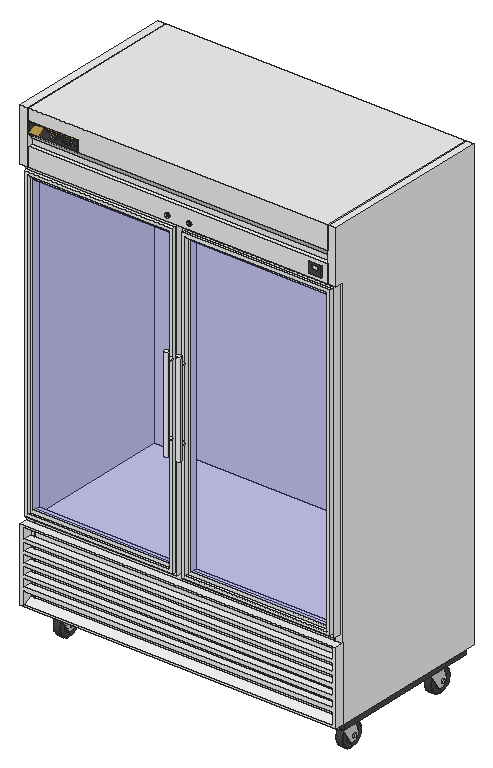
Revit family
Parameters
  Weight = "605 lbs."
  Watts = Volts * FL Amps  # 1414.5 W
  Volts = 115 V
  URL Manufacturer = "www.truemfg.com"
  URL Cutsheet = "www.truemfg.com"
  URL = "www.truemfg.com"
  Type Mark [instance] = ""
  Type Comments = "www.truemfg.com"
  Status [instance] = ""
  Specification by User [instance] = ""
  Specification by Manufacturer = ""
  Show Seismic Flanged [instance] = no
  Show Logo [instance] = yes
  Show Legs [instance] = no
  Show Clearance [instance] = yes
  Serial Number = ""
  Seismic Rating = ""
  Seismic Plate [instance] = and(Show Seismic Flanged, not(Show Casters))  # no
  SMACNA No = ""
  Revision Code [instance] = ""
  Phase = 1
  Omniclass Number and Title = ""
  Number of Poles [instance] = 1
  NAFEM Spec ID Number = ""
  Model = "TS-49FG"
  Min Ckt Ampacity = 0 A
  Max Overcurrent Protection = 0 A
  MasterSpec. = ""
  Manufacturer = "TRUE FOOD SERVICE EQUIPMENT, INC."
  Legs [instance] = or(Show Legs, Show Seismic Flanged)  # no
  Item Number [instance] = ""
  Installed By [instance] = ""
  Identify Quantity as Lot [instance] = yes
  HP = "1.5"
  Furnished By [instance] = ""
  Foodservice Equipment Identifier [instance] = yes
  FL Amps = 12.3 A
  Electrical Remarks [instance] = "208-230/60/1"
  Electric Connection Type [instance] = ""
  Elec Conn RI Height [instance] = 0"
  Elec Conn Connection Height [instance] = 0"
  Description = "Reach-In Glass Swing Door Stainless Steel Freezer"
  Cycle = 60 Hz
  Conn Plug NEMA = "NEMA-14-20P"
  Conn Conduit = yes
  Show Casters [instance] = and(not(Show Legs), not(Show Seismic Flanged))  # yes
  CSI MasterFormat = ""
  CSI Master Format = ""
  Body Finish = QF_Finishes_Stainless Steel
  Base Height [instance] = if(Show Casters, 5", 6")  # 5"
  Apparent Power = if(Phase = 3, Volts * FL Amps * 1.73, Volts * FL Amps)  # 1414.5 VA
Reference planes (in)
  plane 1 "BACK": y = 0
  plane 2: z = 0
  plane 3 "LEFT": x = 0
  plane 4 "RIGHT": x = 54.125
  plane 5 "FRONT": y = -31.09375
  plane 6 "TOP": z = 84.3125
  plane 7: z = 5
Forms (in)
  Revolve 1, solid, material "QF_Finishes_Black", visible <- "Show Casters"
    sketch origin (53.28125, -23.20176, 0.5) x (-1, 0, 0) y (0, 0, -1)
      loop
        line (1.475, -3.5) -> (2.525, -3.5) -> (2.62908, -3.39592) -> (2.62908, -2.79941) -> (2.46399, -2.79941) -> (2.46399, -2.04941) -> (2.62908, -2.04941) -> (2.62908, -1.79941) -> (3.025, -1.79941) -> (3.025, -1.5) -> (0.975, -1.5) -> (0.975, -1.79941) -> (1.375, -1.79941) -> (1.375, -2.04941) -> (1.53601, -2.04941) -> (1.53601, -2.79941) -> (1.375, -2.79941) -> (1.375, -3.4) -> (1.475, -3.5)
      axis (3.025, -1.5) -> (0.975, -1.5)
    angle from 0 to 360
  Extrusion 2, solid, material "QF_Finishes_Handrails and Railings", visible <- "Show Casters"
    sketch origin (53.28125, -2.93273, 0.00141) x (0, 1, 0) y (0, 0, -1)
      loop
        line (-22.72048, -4.36074) -> (-19.97048, -4.36074) -> (-19.35291, -2.16805)
        arc (-19.35291, -2.16805) -> (-19.69311, -1.19773) -> (-20.72128, -1.18736) r 0.8952
        line (-20.72128, -1.18736) -> (-22.47048, -3.75589) -> (-22.72048, -3.75589) -> (-22.72048, -4.36074)
      loop
        line (-3.8577, -4.36074) -> (-1.1077, -4.36074) -> (-0.49013, -2.16805)
        arc (-0.49013, -2.16805) -> (-0.83033, -1.19773) -> (-1.8585, -1.18736) r 0.8952
        line (-1.8585, -1.18736) -> (-3.6077, -3.75589) -> (-3.8577, -3.75589) -> (-3.8577, -4.36074)
    from 1.175 to 1.325
  Extrusion 3, solid, material "QF_Finishes_Handrails and Railings", visible <- "Show Casters"
    sketch origin (51.78125, -2.93273, 0.00141) x (0, 1, 0) y (0, 0, -1)
      loop
        line (-22.72048, -4.36074) -> (-19.97048, -4.36074) -> (-19.35291, -2.16805)
        arc (-19.35291, -2.16805) -> (-19.69311, -1.19773) -> (-20.72128, -1.18736) r 0.8952
        line (-20.72128, -1.18736) -> (-22.47048, -3.75589) -> (-22.72048, -3.75589) -> (-22.72048, -4.36074)
      loop
        line (-3.8577, -4.36074) -> (-1.1077, -4.36074) -> (-0.49013, -2.16805)
        arc (-0.49013, -2.16805) -> (-0.83033, -1.19773) -> (-1.8585, -1.18736) r 0.8952
        line (-1.8585, -1.18736) -> (-3.6077, -3.75589) -> (-3.8577, -3.75589) -> (-3.8577, -4.36074)
    from 1.175 to 1.325
  Revolve 4, solid, material "QF_Finishes_Chrome - Satin", visible <- "Show Casters"
    sketch origin (53.28125, -24.29364, -1.49859) x (-1, 0, 0) y (0, 0, -1)
      loop
        line (2, -6.49859) -> (2, -5.86074) -> (0.70293, -5.86074) -> (0.70293, -6.49859) -> (2, -6.49859)
      axis (2, -5.86074) -> (2, -6.49859)
    angle from 0 to 360
  Revolve 5, solid, material "QF_Finishes_Chrome - Satin", visible <- "Show Casters"
    sketch origin (53.28125, -5.43086, -0.49859) x (-1, 0, 0) y (0, 0, -1)
      loop
        line (2, -4.86074) -> (0.70293, -4.86074) -> (0.70293, -5.49859) -> (2, -5.49859) -> (2, -4.86074)
      axis (2, -4.86074) -> (2, -5.49859)
    angle from 0 to 360
  Extrusion 6, solid, material "QF_Finishes_Handrails and Railings", visible <- "Show Casters"
    sketch origin (101.0625, -2.93273, 0.00141) x (0, 1, 0) y (0, 0, -1)
      loop
        line (-3.8577, -4.36074) -> (-1.1077, -4.36074) -> (-1.07167, -4.06727) -> (-3.6077, -3.75589) -> (-3.8577, -3.75589) -> (-3.8577, -4.36074)
      loop
        line (-22.72048, -4.36074) -> (-19.97048, -4.36074) -> (-19.93445, -4.06727) -> (-22.47048, -3.75589) -> (-22.72048, -3.75589) -> (-22.72048, -4.36074)
    from 49.10625 to 50.45625
  Revolve 7, solid, material "QF_Finishes_Black", visible <- "Show Casters"
    sketch origin (53.28125, -4.21398, 0.5) x (-1, 0, 0) y (0, 0, -1)
      loop
        line (1.475, -3.5) -> (2.525, -3.5) -> (2.62908, -3.39592) -> (2.62908, -2.79941) -> (2.46399, -2.79941) -> (2.46399, -2.04941) -> (2.62908, -2.04941) -> (2.62908, -1.79941) -> (3.025, -1.79941) -> (3.025, -1.5) -> (0.975, -1.5) -> (0.975, -1.79941) -> (1.375, -1.79941) -> (1.375, -2.04941) -> (1.53601, -2.04941) -> (1.53601, -2.79941) -> (1.375, -2.79941) -> (1.375, -3.4) -> (1.475, -3.5)
      axis (3.025, -1.5) -> (0.975, -1.5)
    angle from 0 to 360
  Revolve 8, solid, material "QF_Finishes_Black", visible <- "Show Casters"
    sketch origin (0.84375, -23.20176, 0.5) x (1, 0, 0) y (0, 0, 1)
      loop
        line (1.475, 3.5) -> (1.375, 3.4) -> (1.375, 2.79941) -> (1.53601, 2.79941) -> (1.53601, 2.04941) -> (1.375, 2.04941) -> (1.375, 1.79941) -> (0.975, 1.79941) -> (0.975, 1.5) -> (3.025, 1.5) -> (3.025, 1.79941) -> (2.62908, 1.79941) -> (2.62908, 2.04941) -> (2.46399, 2.04941) -> (2.46399, 2.79941) -> (2.62908, 2.79941) -> (2.62908, 3.39592) -> (2.525, 3.5) -> (1.475, 3.5)
      axis (3.025, 1.5) -> (0.975, 1.5)
    angle from 0 to 360
  Extrusion 9, solid, material "QF_Finishes_Handrails and Railings", visible <- "Show Casters"
    sketch origin (0.84375, -2.93273, 0.00141) x (0, 1, 0) y (0, 0, 1)
      loop
        line (-22.72048, 4.36074) -> (-22.72048, 3.75589) -> (-22.47048, 3.75589) -> (-20.72128, 1.18736)
        arc (-20.72128, 1.18736) -> (-19.69311, 1.19773) -> (-19.35291, 2.16805) r 0.8952
        line (-19.35291, 2.16805) -> (-19.97048, 4.36074) -> (-22.72048, 4.36074)
      loop
        line (-3.8577, 4.36074) -> (-3.8577, 3.75589) -> (-3.6077, 3.75589) -> (-1.8585, 1.18736)
        arc (-1.8585, 1.18736) -> (-0.83033, 1.19773) -> (-0.49013, 2.16805) r 0.8952
        line (-0.49013, 2.16805) -> (-1.1077, 4.36074) -> (-3.8577, 4.36074)
    from 1.175 to 1.325
  Revolve 10, solid, material "QF_Finishes_Chrome - Satin", visible <- "Show Casters"
    sketch origin (0.84375, -24.29364, -1.49859) x (1, 0, 0) y (0, 0, 1)
      loop
        line (2, 6.49859) -> (0.70293, 6.49859) -> (0.70293, 5.86074) -> (2, 5.86074) -> (2, 6.49859)
      axis (2, 5.86074) -> (2, 6.49859)
    angle from 0 to 360
  Revolve 11, solid, material "QF_Finishes_Chrome - Satin", visible <- "Show Casters"
    sketch origin (0.84375, -5.43086, -0.49859) x (1, 0, 0) y (0, 0, 1)
      loop
        line (2, 4.86074) -> (2, 5.49859) -> (0.70293, 5.49859) -> (0.70293, 4.86074) -> (2, 4.86074)
      axis (2, 4.86074) -> (2, 5.49859)
    angle from 0 to 360
  Extrusion 12, solid, material "QF_Finishes_Handrails and Railings", visible <- "Show Casters"
    sketch origin (-46.9375, -2.93273, 0.00141) x (0, 1, 0) y (0, 0, 1)
      loop
        line (-3.8577, 4.36074) -> (-3.8577, 3.75589) -> (-3.6077, 3.75589) -> (-1.07167, 4.06727) -> (-1.1077, 4.36074) -> (-3.8577, 4.36074)
      loop
        line (-22.72048, 4.36074) -> (-22.72048, 3.75589) -> (-22.47048, 3.75589) -> (-19.93445, 4.06727) -> (-19.97048, 4.36074) -> (-22.72048, 4.36074)
    from 49.10625 to 50.45625
  Revolve 13, solid, material "QF_Finishes_Black", visible <- "Show Casters"
    sketch origin (0.84375, -4.21398, 0.5) x (1, 0, 0) y (0, 0, 1)
      loop
        line (1.475, 3.5) -> (1.375, 3.4) -> (1.375, 2.79941) -> (1.53601, 2.79941) -> (1.53601, 2.04941) -> (1.375, 2.04941) -> (1.375, 1.79941) -> (0.975, 1.79941) -> (0.975, 1.5) -> (3.025, 1.5) -> (3.025, 1.79941) -> (2.62908, 1.79941) -> (2.62908, 2.04941) -> (2.46399, 2.04941) -> (2.46399, 2.79941) -> (2.62908, 2.79941) -> (2.62908, 3.39592) -> (2.525, 3.5) -> (1.475, 3.5)
      axis (3.025, 1.5) -> (0.975, 1.5)
    angle from 0 to 360
  Revolve 14, solid, material "QF_Finishes_Stainless Steel" <- "Body Finish", visible <- "Legs"
    sketch origin (0.84375, -23.09219, 0) x (1, 0, 0) y (0, 0, 1)
      loop
        line (2, 5) -> (0.68084, 5) -> (1.25, 1) -> (1.5, 1) -> (1.5, 0) -> (2, 0) -> (2, 5)
      axis (2, 0) -> (2, 5)
    angle from 0 to 360
  Revolve 15, solid, material "QF_Finishes_Stainless Steel" <- "Body Finish", visible <- "Legs"
    sketch origin (0.84375, -4.21398, 0) x (1, 0, 0) y (0, 0, -1)
      loop
        line (2, -5) -> (2, 0) -> (1.5, 0) -> (1.5, -1) -> (1.25, -1) -> (0.68084, -5) -> (2, -5)
      axis (2, 0) -> (2, -5)
    angle from 0 to 360
  Extrusion 16, solid, material "QF_Finishes_Stainless Steel" <- "Body Finish", visible <- "Seismic Plate"
    sketch origin (-0.22541, -2.51982, 0) x (1, 0, 0) y (0, 1, 0)
      loop
        circle (3.06916, -1.69416) r 1.5
    from 0 to 0.25
  Extrusion 17, solid, material "QF_Finishes_Stainless Steel" <- "Body Finish", visible <- "Seismic Plate"
    sketch origin (-0.22541, -21.39804, 0) x (1, 0, 0) y (0, 1, 0)
      loop
        circle (3.06916, -1.69416) r 1.5
    from 0 to 0.25
  Revolve 18, solid, material "QF_Finishes_Stainless Steel" <- "Body Finish", visible <- "Legs"
    sketch origin (53.28125, -23.09219, 0) x (-1, 0, 0) y (0, 0, -1)
      loop
        line (2, -5) -> (2, 0) -> (1.5, 0) -> (1.5, -1) -> (1.25, -1) -> (0.68084, -5) -> (2, -5)
      axis (2, 0) -> (2, -5)
    angle from 0 to 360
  Revolve 19, solid, material "QF_Finishes_Stainless Steel" <- "Body Finish", visible <- "Legs"
    sketch origin (53.28125, -4.21398, 0) x (-1, 0, 0) y (0, 0, 1)
      loop
        line (2, 5) -> (0.68084, 5) -> (1.25, 1) -> (1.5, 1) -> (1.5, 0) -> (2, 0) -> (2, 5)
      axis (2, 0) -> (2, 5)
    angle from 0 to 360
  Extrusion 20, solid, material "QF_Finishes_Stainless Steel" <- "Body Finish", visible <- "Seismic Plate"
    sketch origin (54.35041, -2.51982, 0) x (-1, 0, 0) y (0, -1, 0)
      loop
        circle (3.06916, 1.69416) r 1.5
    from 0 to 0.25
  Extrusion 21, solid, material "QF_Finishes_Stainless Steel" <- "Body Finish", visible <- "Seismic Plate"
    sketch origin (54.35041, -21.39804, 0) x (-1, 0, 0) y (0, -1, 0)
      loop
        circle (3.06916, 1.69416) r 1.5
    from 0 to 0.25
  Extrusion 22, solid, material "QF_Finishes_Chrome - Satin"
    sketch origin (0, 0, 0) x (1, 0, 0) y (0, 0, 1)
      loop
        circle (6.0625, 12) r 0.25
    from 0 to 0.0625
  Extrusion 23, solid, material "QF_Finishes_Handrails and Railings", visible <- "Show Casters"
    sketch origin (4.84375, -2.93273, 0.00141) x (0, 1, 0) y (0, 0, -1)
      loop
        line (-22.72048, -4.36074) -> (-19.97048, -4.36074) -> (-19.35291, -2.16805)
        arc (-19.35291, -2.16805) -> (-19.69311, -1.19773) -> (-20.72128, -1.18736) r 0.8952
        line (-20.72128, -1.18736) -> (-22.47048, -3.75589) -> (-22.72048, -3.75589) -> (-22.72048, -4.36074)
      loop
        line (-3.8577, -4.36074) -> (-1.1077, -4.36074) -> (-0.49013, -2.16805)
        arc (-0.49013, -2.16805) -> (-0.83033, -1.19773) -> (-1.8585, -1.18736) r 0.8952
        line (-1.8585, -1.18736) -> (-3.6077, -3.75589) -> (-3.8577, -3.75589) -> (-3.8577, -4.36074)
    from 1.175 to 1.325
Lines and regions (in)
  symbolic lines, style "SpecialityEquipmentHiddenLines", visible <- "Show Casters"
    curve 1: line (1.38909, -5.62103, 0) -> (2.29841, -6.14603, 0)
    curve 2: line (3.38909, -2.15693, 0) -> (1.38909, -5.62103, 0)
    curve 3: line (4.29841, -2.68193, 0) -> (3.38909, -2.15693, 0)
    curve 4: line (2.29841, -6.14603, 0) -> (4.29841, -2.68193, 0)
    curve 5: line (49.82659, -5.62103, 0) -> (50.73591, -6.14603, 0)
    curve 6: line (51.82659, -2.15693, 0) -> (49.82659, -5.62103, 0)
    curve 7: line (52.73591, -2.68193, 0) -> (51.82659, -2.15693, 0)
    curve 8: line (50.73591, -6.14603, 0) -> (52.73591, -2.68193, 0)
    curve 9: line (1.38909, -24.67131, 0) -> (2.29841, -25.19631, 0)
    curve 10: line (3.38909, -21.20721, 0) -> (1.38909, -24.67131, 0)
    curve 11: line (4.29841, -21.73221, 0) -> (3.38909, -21.20721, 0)
    curve 12: line (2.29841, -25.19631, 0) -> (4.29841, -21.73221, 0)
    curve 13: line (49.82659, -24.67131, 0) -> (50.73591, -25.19631, 0)
    curve 14: line (51.82659, -21.20721, 0) -> (49.82659, -24.67131, 0)
    curve 15: line (52.73591, -21.73221, 0) -> (51.82659, -21.20721, 0)
    curve 16: line (50.73591, -25.19631, 0) -> (52.73591, -21.73221, 0)
Dimensions and locks (in)
  plane 5 "FRONT" to plane 1 "BACK" = 31 3/32"
  plane 3 "LEFT" to plane 4 "RIGHT" = 54 1/8"
  "Base Height": plane 7 to level
  locked: plane 7 to Revolve 8 sketch curve at 3
  locked: plane 7 to Revolve 13 sketch curve at 3
  plane 4 "RIGHT" to plane 3 "LEFT" = 54 1/8"
  plane 1 "BACK" to plane 5 "FRONT" = 31 3/32"
  Extrusion 22 sketch curve to Extrusion 22 sketch curve to plane 7 = 1/2" locked, 6 3/4" locked
  nested 1 to level = 83 5/16"
  nested 1 to nested 1 to nested 1 = 76 15/16", 1 3/8"
  aligned and locked: level to plane 2
  aligned and locked: plane 7 to Revolve 4  (x2)
  aligned and locked: Extrusion 3 to Revolve 4
  aligned and locked: Revolve 11 to Revolve 10
  aligned and locked: Revolve 10 to plane 7  (x2)
  aligned and locked: Revolve 11 to plane 7
  aligned and locked: Revolve 5 to Revolve 4
  aligned and locked: plane 7 to Revolve 5
  aligned and locked: plane 1 "BACK" to nested 1
  aligned and locked: plane 3 "LEFT" to nested 1
  aligned and locked: plane 7 to nested 1
  aligned and locked: Extrusion 9 sketch curve to Extrusion 3  (x2)
  aligned and locked: Extrusion 23 sketch curve to Extrusion 9  (x4)
Automatic sketch dimensions
  plane 3 "LEFT" to Extrusion 16 sketch curve = 2 27/32"
  plane 1 "BACK" to Extrusion 16 sketch curve = 4.21398"
  plane 3 "LEFT" to Extrusion 17 sketch curve = 2 27/32"
  Extrusion 17 sketch curve to plane 5 "FRONT" = 8.00156"
  Extrusion 20 sketch curve to plane 4 "RIGHT" = 2 27/32"
  plane 1 "BACK" to Extrusion 20 sketch curve = 4.21398"
  Extrusion 21 sketch curve to plane 4 "RIGHT" = 2 27/32"
  Extrusion 21 sketch curve to plane 5 "FRONT" = 8.00156"
  plane 3 "LEFT" to Extrusion 22 sketch curve = 6 1/16"
  plane 3 "LEFT" to curve 1 = 1.38909"
  plane 3 "LEFT" to curve 10 = 1.38909"
  curve 9 to curve 9 = 0.90933"
  curve 1 to curve 1 = 0.90933"
  plane 3 "LEFT" to curve 10 = 3.38909"
  plane 3 "LEFT" to curve 3 = 3.38909"
  curve 5 to plane 4 "RIGHT" = 4.29841"
  curve 13 to plane 4 "RIGHT" = 4.29841"
  curve 13 to curve 16 = 0.90933"
  curve 5 to curve 8 = 0.90933"
  curve 6 to plane 4 "RIGHT" = 2.29841"
  curve 14 to plane 4 "RIGHT" = 2.29841"
  curve 13 to curve 13 = 0.525"
  curve 9 to curve 9 = 0.525"
  plane 1 "BACK" to curve 8 = 6.14603"
  plane 1 "BACK" to curve 1 = 6.14603"
  curve 1 to curve 2 = 0.525"
  curve 5 to curve 6 = 0.525"
  Revolve 1 sketch curve to plane 4 "RIGHT" = 1.33602"
  Revolve 1 sketch curve to Revolve 1 sketch curve = 0.48273"
  Revolve 1 sketch curve to Revolve 1 sketch curve = 0.4"  (x2)
  Revolve 1 sketch curve to Revolve 1 sketch curve = 0.1"  (x2)
  Revolve 1 sketch curve to Revolve 1 sketch curve = 0.16101"
  Revolve 1 sketch curve to Revolve 1 sketch curve = 0.59307"
  Revolve 1 sketch curve to Revolve 1 sketch curve = 0.92798"
  Revolve 1 sketch curve to Revolve 1 sketch curve = 0.06101"
  Revolve 1 sketch curve to Revolve 1 sketch curve = 0.16509"  (x2)
  Revolve 1 sketch curve to Revolve 1 sketch curve = 0.39592"
  Revolve 1 sketch curve to plane 7 = 1"
  Revolve 1 sketch curve to Revolve 1 sketch curve = 0.10408"
  Revolve 1 sketch curve to Revolve 1 sketch curve = 0.59652"
  Revolve 1 sketch curve to Revolve 1 sketch curve = 0.60059"
  Revolve 1 sketch curve to Revolve 1 sketch curve = 3/4"  (x2)
  Revolve 1 sketch curve to Revolve 1 sketch curve = 1/4"  (x2)
  Revolve 1 sketch curve to Revolve 1 sketch curve = 0.29941"  (x2)
  Extrusion 2 sketch curve to plane 7 = 1.24271"  (x2)
  Extrusion 2 sketch curve to plane 5 "FRONT" = 5.44054"
  Extrusion 2 sketch curve to plane 7 = 0.63785"  (x2)
  plane 1 "BACK" to Extrusion 2 sketch curve = 6.79043"
  Extrusion 2 sketch curve to Extrusion 2 sketch curve = 1/4"  (x2)
  level to Extrusion 2 sketch curve = 1.18876"
  Extrusion 2 sketch curve to Extrusion 2 sketch curve = 1.7492"
  Extrusion 2 sketch curve to Extrusion 2 sketch curve = 0.50669"  (x2)
  Extrusion 2 sketch curve to Extrusion 2 sketch curve = 0.24411"
  Extrusion 2 sketch curve to Extrusion 2 sketch curve = 0.86168"
  Extrusion 2 sketch curve to Extrusion 2 sketch curve = 0.98069"
  Extrusion 3 sketch curve to plane 7 = 1.24271"  (x2)
  Extrusion 3 sketch curve to plane 5 "FRONT" = 5.44054"
  Extrusion 3 sketch curve to plane 7 = 0.63785"  (x2)
  plane 1 "BACK" to Extrusion 3 sketch curve = 6.79043"
  Extrusion 3 sketch curve to Extrusion 3 sketch curve = 1/4"  (x2)
  level to Extrusion 3 sketch curve = 1.18876"
  Extrusion 3 sketch curve to Extrusion 3 sketch curve = 1.7492"
  Extrusion 3 sketch curve to Extrusion 3 sketch curve = 0.50669"  (x2)
  Extrusion 3 sketch curve to Extrusion 3 sketch curve = 0.24411"
  Extrusion 3 sketch curve to Extrusion 3 sketch curve = 0.86168"
  Extrusion 3 sketch curve to Extrusion 3 sketch curve = 0.98069"
  Revolve 4 sketch curve to plane 7 = 0"
  Revolve 4 sketch curve to plane 4 "RIGHT" = 1.54668"
  Revolve 4 sketch curve to Revolve 4 sketch curve = 1.29707"
  Revolve 4 sketch curve to Revolve 4 sketch curve = 0"
  Revolve 4 sketch curve to Revolve 4 sketch curve = 0.26909"
  Revolve 4 sketch curve to plane 7 = 0.63785"
  Revolve 4 sketch curve to Revolve 4 sketch curve = 0.09306"
  Revolve 5 sketch curve to plane 7 = 0"
  Revolve 5 sketch curve to plane 7 = 0.63785"
  Revolve 5 sketch curve to plane 4 "RIGHT" = 1.54668"
  Revolve 5 sketch curve to Revolve 5 sketch curve = 1.29707"
  Revolve 5 sketch curve to Revolve 5 sketch curve = 0"
  plane 7 to Revolve 5 sketch curve = 0.26909"
  Revolve 5 sketch curve to Revolve 5 sketch curve = 0.09306"
  Extrusion 6 sketch curve to plane 7 = 0.63785"  (x2)
  Extrusion 6 sketch curve to plane 5 "FRONT" = 5.44054"
  Extrusion 6 sketch curve to plane 7 = 1.24271"  (x2)
  Extrusion 6 sketch curve to Extrusion 6 sketch curve = 1/4"  (x2)
  Extrusion 6 sketch curve to Extrusion 6 sketch curve = 2 1/2"  (x2)
  Extrusion 6 sketch curve to plane 7 = 0.93132"  (x2)
  plane 1 "BACK" to Extrusion 6 sketch curve = 6.79043"
  Revolve 7 sketch curve to plane 4 "RIGHT" = 1.33602"
  Revolve 7 sketch curve to Revolve 7 sketch curve = 0.48273"
  Revolve 7 sketch curve to Revolve 7 sketch curve = 0.4"  (x2)
  Revolve 7 sketch curve to Revolve 7 sketch curve = 0.1"  (x2)
  Revolve 7 sketch curve to Revolve 7 sketch curve = 0.16101"
  Revolve 7 sketch curve to Revolve 7 sketch curve = 0.59307"
  Revolve 7 sketch curve to Revolve 7 sketch curve = 0.92798"
  Revolve 7 sketch curve to Revolve 7 sketch curve = 0.06101"
  Revolve 7 sketch curve to Revolve 7 sketch curve = 0.16509"  (x2)
  Revolve 7 sketch curve to Revolve 7 sketch curve = 0.39592"
  Revolve 7 sketch curve to plane 7 = 1"
  Revolve 7 sketch curve to Revolve 7 sketch curve = 0.10408"
  Revolve 7 sketch curve to Revolve 7 sketch curve = 0.59652"
  Revolve 7 sketch curve to Revolve 7 sketch curve = 0.60059"
  Revolve 7 sketch curve to Revolve 7 sketch curve = 3/4"  (x2)
  Revolve 7 sketch curve to Revolve 7 sketch curve = 1/4"  (x2)
  Revolve 7 sketch curve to Revolve 7 sketch curve = 0.29941"  (x2)
  plane 3 "LEFT" to Revolve 8 sketch curve = 1.33602"
  Revolve 8 sketch curve to Revolve 8 sketch curve = 0.48273"
  Revolve 8 sketch curve to Revolve 8 sketch curve = 0.4"  (x2)
  Revolve 8 sketch curve to Revolve 8 sketch curve = 0.1"  (x2)
  Revolve 8 sketch curve to Revolve 8 sketch curve = 0.16101"
  Revolve 8 sketch curve to Revolve 8 sketch curve = 0.59307"
  Revolve 8 sketch curve to Revolve 8 sketch curve = 0.92798"
  Revolve 8 sketch curve to Revolve 8 sketch curve = 0.06101"
  Revolve 8 sketch curve to Revolve 8 sketch curve = 0.16509"  (x2)
  Revolve 8 sketch curve to Revolve 8 sketch curve = 0.39592"
  Revolve 8 sketch curve to Revolve 8 sketch curve = 0"
  Revolve 8 sketch curve to Revolve 8 sketch curve = 0.29941"  (x2)
  Revolve 8 sketch curve to Revolve 8 sketch curve = 1/4"  (x2)
  Revolve 8 sketch curve to Revolve 8 sketch curve = 3/4"  (x2)
  Revolve 8 sketch curve to Revolve 8 sketch curve = 0.59652"
  Revolve 8 sketch curve to Revolve 8 sketch curve = 0.60059"
  Revolve 10 sketch curve to plane 7 = 0"
  plane 3 "LEFT" to Revolve 10 sketch curve = 1.54668"
  Revolve 10 sketch curve to Revolve 10 sketch curve = 1.29707"
  Revolve 10 sketch curve to Revolve 10 sketch curve = 0"
  Revolve 10 sketch curve to Revolve 10 sketch curve = 0.63785"
  Revolve 10 sketch curve to Revolve 10 sketch curve = 0.09306"
  plane 7 to Revolve 10 sketch curve = 0.26909"
  Revolve 11 sketch curve to plane 7 = 0"
  Revolve 11 sketch curve to plane 7 = 0.63785"
  plane 3 "LEFT" to Revolve 11 sketch curve = 1.54668"
  Revolve 11 sketch curve to Revolve 11 sketch curve = 1.29707"
  Revolve 11 sketch curve to Revolve 11 sketch curve = 0"
  Revolve 11 sketch curve to Revolve 11 sketch curve = 0.09306"
  Revolve 11 sketch curve to Revolve 11 sketch curve = 0.26909"
  Extrusion 12 sketch curve to plane 7 = 0.63785"  (x2)
  Extrusion 12 sketch curve to plane 5 "FRONT" = 5.44054"
  Extrusion 12 sketch curve to plane 7 = 1.24271"  (x2)
  Extrusion 12 sketch curve to Extrusion 12 sketch curve = 1/4"  (x2)
  Extrusion 12 sketch curve to Extrusion 12 sketch curve = 2 1/2"  (x2)
  Extrusion 12 sketch curve to plane 7 = 0.93132"  (x2)
  plane 1 "BACK" to Extrusion 12 sketch curve = 6.79043"
  plane 3 "LEFT" to Revolve 13 sketch curve = 1.33602"
  Revolve 13 sketch curve to Revolve 13 sketch curve = 0.48273"
  Revolve 13 sketch curve to Revolve 13 sketch curve = 0.4"  (x2)
  Revolve 13 sketch curve to Revolve 13 sketch curve = 0.1"  (x2)
  Revolve 13 sketch curve to Revolve 13 sketch curve = 0.16101"
  Revolve 13 sketch curve to Revolve 13 sketch curve = 0.59307"
  Revolve 13 sketch curve to Revolve 13 sketch curve = 0.92798"
  Revolve 13 sketch curve to Revolve 13 sketch curve = 0.06101"
  Revolve 13 sketch curve to Revolve 13 sketch curve = 0.16509"  (x2)
  Revolve 13 sketch curve to Revolve 13 sketch curve = 0.39592"
  Revolve 13 sketch curve to Revolve 13 sketch curve = 0"
  Revolve 13 sketch curve to Revolve 13 sketch curve = 0.29941"  (x2)
  Revolve 13 sketch curve to Revolve 13 sketch curve = 1/4"  (x2)
  Revolve 13 sketch curve to Revolve 13 sketch curve = 3/4"  (x2)
  Revolve 13 sketch curve to Revolve 13 sketch curve = 0.59652"
  Revolve 13 sketch curve to Revolve 13 sketch curve = 0.60059"
  Revolve 14 sketch curve to plane 7 = 0"
  Revolve 14 sketch curve to level = 0"
  plane 3 "LEFT" to Revolve 14 sketch curve = 1.52459"
  level to Revolve 14 sketch curve = 1"
  plane 3 "LEFT" to Revolve 14 sketch curve = 2 3/32"
  Revolve 14 sketch curve to Revolve 14 sketch curve = 1/4"
  Revolve 14 sketch curve to Revolve 14 sketch curve = 1/2"  (x2)
  Revolve 14 sketch curve to Revolve 14 sketch curve = 0"
  plane 7 to Revolve 14 sketch curve = 1 29/32"
  Revolve 15 sketch curve to plane 7 = 0"
  Revolve 15 sketch curve to level = 0"
  plane 3 "LEFT" to Revolve 15 sketch curve = 1.52459"
  level to Revolve 15 sketch curve = 1"
  plane 3 "LEFT" to Revolve 15 sketch curve = 2 3/32"
  Revolve 15 sketch curve to Revolve 15 sketch curve = 1/4"
  Revolve 15 sketch curve to Revolve 15 sketch curve = 1/2"  (x2)
  Revolve 15 sketch curve to Revolve 15 sketch curve = 0"
  plane 7 to Revolve 15 sketch curve = 1 29/32"
  Revolve 18 sketch curve to plane 7 = 0"
  Revolve 18 sketch curve to level = 0"
  Revolve 18 sketch curve to plane 4 "RIGHT" = 1.52459"
  level to Revolve 18 sketch curve = 1"
  Revolve 18 sketch curve to plane 4 "RIGHT" = 2 3/32"
  Revolve 18 sketch curve to Revolve 18 sketch curve = 1/4"
  Revolve 18 sketch curve to Revolve 18 sketch curve = 1/2"  (x2)
  Revolve 18 sketch curve to Revolve 18 sketch curve = 0"
  plane 7 to Revolve 18 sketch curve = 1 29/32"
  Revolve 19 sketch curve to plane 7 = 0"
  Revolve 19 sketch curve to level = 0"
  Revolve 19 sketch curve to plane 4 "RIGHT" = 1.52459"
  level to Revolve 19 sketch curve = 1"
  Revolve 19 sketch curve to plane 4 "RIGHT" = 2 3/32"
  Revolve 19 sketch curve to Revolve 19 sketch curve = 1/4"
  Revolve 19 sketch curve to Revolve 19 sketch curve = 1/2"  (x2)
  Revolve 19 sketch curve to Revolve 19 sketch curve = 0"
  plane 7 to Revolve 19 sketch curve = 1 29/32"
  Extrusion 23 sketch curve to plane 7 = 1.24271"
  Extrusion 23 sketch curve to plane 7 = 0.63785"  (x2)
  level to Extrusion 9 sketch curve = 1.18876"  (x2)
  Extrusion 9 sketch curve to plane 7 = 1.24271"  (x2)
  Extrusion 9 sketch curve to Extrusion 9 sketch curve = 2.25589"
  Extrusion 9 sketch curve to Extrusion 9 sketch curve = 1/4"  (x2)
  level to Extrusion 9 sketch curve = 2.16945"  (x2)
  Extrusion 9 sketch curve to plane 5 "FRONT" = 8.80811"
  Extrusion 9 sketch curve to plane 7 = 0.63785"  (x2)
  Extrusion 9 sketch curve to Extrusion 9 sketch curve = 0.61757"
  Extrusion 9 sketch curve to Extrusion 9 sketch curve = 0.86168"
  Extrusion 9 sketch curve to Extrusion 9 sketch curve = 0.50669"
  Extrusion 9 sketch curve to Extrusion 9 sketch curve = 2 1/2"
  Extrusion 23 sketch curve to Extrusion 23 sketch curve = 1/4"  (x2)
  Extrusion 23 sketch curve to Extrusion 23 sketch curve = 0.61757"  (x2)
  Extrusion 23 sketch curve to Extrusion 23 sketch curve = 0.24269"  (x2)
  Extrusion 23 sketch curve to Extrusion 23 sketch curve = 0.60485"
  Extrusion 3 sketch curve to Extrusion 3 sketch curve = 2 1/2"
  level to Extrusion 3 sketch curve = 2.16945"
  Extrusion 3 sketch curve to Extrusion 3 sketch curve = 0.61757"
  Extrusion 3 sketch curve to Extrusion 3 sketch curve = 1.36837"
  Extrusion 3 sketch curve to Extrusion 3 sketch curve = 0.24269"
  Extrusion 2 sketch curve to Extrusion 2 sketch curve = 2 1/2"
  level to Extrusion 2 sketch curve = 2.16945"
  Extrusion 2 sketch curve to Extrusion 2 sketch curve = 0.61757"
  Extrusion 2 sketch curve to Extrusion 2 sketch curve = 1.36837"
  Extrusion 2 sketch curve to Extrusion 2 sketch curve = 0.24269"
  curve 12 to plane 5 "FRONT" = 5.89744"
  curve 16 to plane 5 "FRONT" = 5.89744"
  radius of Extrusion 16 sketch curve = 1 1/2"
  radius of Extrusion 17 sketch curve = 1 1/2"
  radius of Extrusion 20 sketch curve = 1 1/2"
  radius of Extrusion 21 sketch curve = 1 1/2"
Nested families (in)
  nested 1: "TS-49FG" at (0, 0, -1), Logo <- "Show Logo", Show Clearance <- "Show Clearance", type "TS-49FG"
    with Type Mark "", Specification by User "", Revision Code "", Logo yes, Item Number "", Installed By "", Identify Quantity as Lot yes, Furnished By "", Foodservice Equipment Identifier yes
Connectors (in)
  electrical at (6.0625, 0, 12), driven by "Volts", driven by "Watts"
    settings: on Extrusion 22, index 1, voltage 115 V, apparent load 1414.5 VA, apparent load phase1 0 VA, apparent load phase2 0 VA, apparent load phase3 0 VA, power factor 1, load classification "Other", number of poles 1, system type 30, power factor state 1, is connector primary yes, connector utility no, sub classification motor no, connector description "Electrical Connection"
Definition of nested family "TS-49FG"
  Parameters (values of type "TS-49FG")
    URL = "www.truemfg.com"
    Type Mark [instance] = ""
    Type Comments = "www.truemfg.com"
    Specification by User [instance] = ""
    Specification by Manufacturer = ""
    Show Clearance [instance] = yes
    Serial Number = ""
    Seismic Rating = ""
    SMACNA No = ""
    Revision Code [instance] = ""
    Omniclass Number and Title = ""
    NAFEM Spec ID Number = ""
    Model = "T-49G-4"
    MasterSpec. = ""
    Manufacturer = "TRUE FOOD SERVICE EQUIPMENT, INC."
    Logo [instance] = yes
    Item Number [instance] = ""
    Installed By [instance] = ""
    Identify Quantity as Lot [instance] = yes
    Furnished By [instance] = ""
    Foodservice Equipment Identifier [instance] = yes
    Description = "Reach-in Glass Half Door Refrigerator"
    CSI MasterFormat = ""
    CSI Master Format = ""
    Assembly Code = ""
  Reference planes (in)
    plane 1 "BACK": y = 0
    plane 2: z = 0
    plane 3 "LEFT": x = 0
    plane 4 "RIGHT": x = 54.125
    plane 5 "FRONT": y = -31.09375
    plane 6 "TOP": z = 84.3125
    plane 7: z = 6
    plane 8: z = 82.38175
  Forms (in)
    Extrusion 1, solid, material "QF_Finishes_Chrome - Satin"
      sketch origin (0, 0, 0) x (0, 1, 0) y (0, 0, 1)
        loop
          line (-28, 7.375) -> (0, 7.375) -> (0, 84.3125) -> (-29.50108, 84.3125) -> (-29.50108, 80.37908) -> (-28.68032, 79.24295) -> (-28.68032, 78.38911) -> (-29.50108, 78.38911) -> (-29.50108, 75.25) -> (-2.5, 75.25) -> (-2.5, 21) -> (-28, 21) -> (-28, 7.375)
      from 1.33114 to 52.79386
    Extrusion 2, solid, material "QF_Finishes_Chrome - Satin"
      sketch origin (0, 3, 0.40625) x (1, 0, 0) y (0, 0, 1)
        loop
          line (1.9375, 22.09375) -> (25.3125, 22.09375) -> (25.3125, 73.09375) -> (1.9375, 73.09375) -> (1.9375, 22.09375)
        loop
          line (26.5625, 20.59375) -> (26.5625, 74.59375) -> (0.6875, 74.59375) -> (0.6875, 20.59375) -> (26.5625, 20.59375)
        loop
          line (28.9375, 22.09375) -> (52.3125, 22.09375) -> (52.3125, 73.09375) -> (28.9375, 73.09375) -> (28.9375, 22.09375)
        loop
          line (53.5625, 20.59375) -> (53.5625, 74.59375) -> (27.6875, 74.59375) -> (27.6875, 20.59375) -> (53.5625, 20.59375)
      from 31 to 32.16372
    Extrusion 3, solid, material "Glass"
      sketch origin (119, 2.25, -0.71875) x (1, 0, 0) y (0, 0, 1)
        loop
          line (-66.6875, 23.21875) -> (-66.6875, 74.21875) -> (-90.0625, 74.21875) -> (-90.0625, 23.21875) -> (-66.6875, 23.21875)
        loop
          line (-93.6875, 23.21875) -> (-93.6875, 74.21875) -> (-117.0625, 74.21875) -> (-117.0625, 23.21875) -> (-93.6875, 23.21875)
      from 31 to 31.41372
    Extrusion 4, solid, material "QF_Finishes_Chrome - Satin"
      sketch origin (0, 0, 0) x (0, 1, 0) y (0, 0, 1)
        loop
          line (-28, 18.84404) -> (-28, 19.875) -> (-29.5, 19.875) -> (-29.5, 19.625) -> (-28, 18.84404)
        loop
          line (-29.49892, 7.63076) -> (-29.49892, 7.375) -> (-28, 7.375) -> (-28, 8.41116) -> (-29.49892, 7.63076)
        loop
          line (-28, 11.30682) -> (-28, 12.22667) -> (-29.50108, 12.22667) -> (-29.50108, 11.70903) -> (-28, 11.30682)
        loop
          line (-28, 13.16507) -> (-28, 14.08493) -> (-29.50108, 14.08493) -> (-29.50108, 13.56729) -> (-28, 13.16507)
        loop
          line (-28, 15.02333) -> (-28, 15.94318) -> (-29.50108, 15.94318) -> (-29.50108, 15.42554) -> (-28, 15.02333)
        loop
          line (-28, 16.88158) -> (-28, 17.80143) -> (-29.50108, 17.80143) -> (-29.50108, 17.28379) -> (-28, 16.88158)
        loop
          line (-28, 9.44857) -> (-28, 10.36842) -> (-29.50108, 10.36842) -> (-29.50108, 9.85078) -> (-28, 9.44857)
      from 0.5625 to 53.5625
    Extrusion 5, solid, material "QF_Finishes_Chrome - Satin"
      sketch origin (0, 0, 0) x (1, 0, 0) y (0, 0, 1)
        loop
          line (0, 7.375) -> (0.5625, 7.375) -> (0.5625, 19.875) -> (0, 19.875) -> (0, 7.375)
        loop
          line (54.125, 7.375) -> (54.125, 19.875) -> (53.5625, 19.875) -> (53.5625, 7.375) -> (54.125, 7.375)
      from 28 to 29.5
    Extrusion 6, solid, material "QF_Finishes_Chrome - Satin"
      sketch origin (0, 0, 1.125) x (0, 1, 0) y (0, 0, 1)
        loop
          line (0, 6.25) -> (0, 83.1875) -> (-29.50108, 83.1875) -> (-29.50108, 74.125) -> (-28, 74.125) -> (-28, 6.25) -> (0, 6.25)
      from 0 to 1.33114
    Extrusion 7, solid, material "QF_Finishes_Chrome - Satin"
      sketch origin (54.125, 0, 0) x (0, 1, 0) y (0, 0, -1)
        loop
          line (0, -7.375) -> (-28, -7.375) -> (-28, -75.25) -> (-29.50108, -75.25) -> (-29.50108, -84.3125) -> (0, -84.3125) -> (0, -7.375)
      from 0 to 1.33114
    Extrusion 8, solid, material "QF_Finishes_Satin - Goldenrod", visible <- "Logo"
      sketch origin (0.45342, 5.26797, 51.18158) x (1, 0, 0) y (0, 0, 1)
        loop
          line (4.18351, 30.84206) -> (4.10478, 30.67323) -> (5.15208, 30.67323)
          arc (5.15208, 30.67323) -> (5.17333, 30.63564) -> (5.15208, 30.59805) r 0.04386
          line (5.15208, 30.59805) -> (4.87892, 30.01228)
          arc (4.87892, 30.01228) -> (4.87656, 29.95802) -> (4.91325, 29.91798) r 0.07096
          line (4.91325, 29.91798) -> (5.5829, 29.91798)
          arc (5.5829, 29.91798) -> (5.66746, 29.94464) -> (5.72144, 30.01498) r 0.14742
          line (5.72144, 30.01498) -> (5.9364, 30.47597) -> (6.1339, 30.47597)
          arc (6.1339, 30.47597) -> (6.18572, 30.45692) -> (6.17822, 30.40222) r 0.04405
          line (6.17822, 30.40222) -> (5.99835, 30.01649)
          arc (5.99835, 30.01649) -> (6.00115, 29.95243) -> (6.05523, 29.91798) r 0.06943
          line (6.05523, 29.91798) -> (6.64365, 29.91798)
          arc (6.64365, 29.91798) -> (6.68873, 29.93439) -> (6.71272, 29.97594) r 0.07014
          arc (6.71272, 29.97594) -> (6.7297, 29.93495) -> (6.77068, 29.91798) r 0.05796
          line (6.77068, 29.91798) -> (7.14325, 29.91798)
          arc (7.14325, 29.91798) -> (7.18629, 29.92951) -> (7.2178, 29.96102) r 0.08608
          arc (7.2178, 29.96102) -> (7.23289, 29.9246) -> (7.26931, 29.90952) r 0.0515
          line (7.26931, 29.90952) -> (7.79882, 29.90952)
          arc (7.79882, 29.90952) -> (7.84211, 29.92745) -> (7.86005, 29.97074) r 0.06122
          arc (7.86005, 29.97074) -> (7.89973, 29.93105) -> (7.95394, 29.91653) r 0.10842
          line (7.95394, 29.91653) -> (8.94586, 29.91653) -> (9.05604, 30.10737) -> (8.05555, 30.10737)
          arc (8.05555, 30.10737) -> (8.02794, 30.12652) -> (8.02691, 30.16011) r 0.03732
          line (8.02691, 30.16011) -> (8.04422, 30.19722)
          arc (8.04422, 30.19722) -> (8.07079, 30.23203) -> (8.11255, 30.24524) r 0.07263
          line (8.11255, 30.24524) -> (8.43414, 30.24524)
          arc (8.43414, 30.24524) -> (8.50355, 30.26383) -> (8.55436, 30.31465) r 0.13882
          line (8.55436, 30.31465) -> (8.6475, 30.47597)
          arc (8.6475, 30.47597) -> (8.6475, 30.56208) -> (8.57293, 30.60513) r 0.08611
          line (8.57293, 30.60513) -> (8.23352, 30.60513)
          arc (8.23352, 30.60513) -> (8.14699, 30.59044) -> (8.08663, 30.52673) r 0.13863
          line (8.08663, 30.52673) -> (7.92534, 30.18083)
          arc (7.92534, 30.18083) -> (7.87774, 30.1188) -> (7.80316, 30.09528) r 0.13002
          line (7.80316, 30.09528) -> (7.45109, 30.09528)
          arc (7.45109, 30.09528) -> (7.40895, 30.14128) -> (7.41167, 30.2036) r 0.08151
          line (7.41167, 30.2036) -> (7.59891, 30.60513) -> (7.47974, 30.60513) -> (7.28137, 30.17972)
          arc (7.28137, 30.17972) -> (7.24283, 30.12949) -> (7.18244, 30.11046) r 0.10527
          line (7.18244, 30.11046) -> (6.93967, 30.11046)
          arc (6.93967, 30.11046) -> (6.89865, 30.16392) -> (6.90744, 30.23073) r 0.08805
          line (6.90744, 30.23073) -> (7.08203, 30.60513) -> (6.95897, 30.60513) -> (6.75801, 30.17418)
          arc (6.75801, 30.17418) -> (6.71136, 30.12753) -> (6.64764, 30.11046) r 0.12745
          line (6.64764, 30.11046) -> (6.29609, 30.11046)
          arc (6.29609, 30.11046) -> (6.23295, 30.1399) -> (6.22688, 30.2093) r 0.06967
          line (6.22688, 30.2093) -> (6.34243, 30.45711) -> (6.50577, 30.45711)
          arc (6.50577, 30.45711) -> (6.53334, 30.54018) -> (6.592, 30.60513) r 0.21289
          line (6.592, 30.60513) -> (5.95369, 30.60513)
          arc (5.95369, 30.60513) -> (5.88276, 30.58941) -> (5.83367, 30.53584) r 0.12081
          line (5.83367, 30.53584) -> (5.66065, 30.1648)
          arc (5.66065, 30.1648) -> (5.62087, 30.12502) -> (5.56653, 30.11046) r 0.10869
          line (5.56653, 30.11046) -> (5.18545, 30.11046)
          arc (5.18545, 30.11046) -> (5.15571, 30.15065) -> (5.16137, 30.20033) r 0.06822
          line (5.16137, 30.20033) -> (5.41281, 30.67323) -> (6.04721, 30.67323) -> (6.12594, 30.84206) -> (5.49154, 30.84206) -> (5.57027, 31.0109) -> (5.34459, 31.0109) -> (5.26586, 30.84206) -> (4.18351, 30.84206)
        loop
          arc (8.19062, 30.45184) -> (8.16316, 30.44448) -> (8.14305, 30.42438) r 0.05494
          line (8.14305, 30.42438) -> (8.12672, 30.37415)
          arc (8.12672, 30.37415) -> (8.13429, 30.35587) -> (8.15258, 30.34829) r 0.02586
          line (8.15258, 30.34829) -> (8.43014, 30.34829)
          arc (8.43014, 30.34829) -> (8.45013, 30.35273) -> (8.46638, 30.3652) r 0.04731
          line (8.46638, 30.3652) -> (8.47988, 30.4277)
          arc (8.47988, 30.4277) -> (8.47591, 30.44443) -> (8.46039, 30.45184) r 0.01994
          line (8.46039, 30.45184) -> (8.19062, 30.45184)
        loop
          line (1.13539, 29.3975) -> (2.84485, 29.3975) -> (3.77016, 31.00018) -> (2.0607, 31.00018) -> (1.13539, 29.3975)
      from 34.76797 to 34.83173
    Extrusion 9, solid, material "QF_Finishes_Black", visible <- "Logo"
      sketch origin (-64.04867, 5.25, 48.33698) x (1, 0, 0) y (0, 0, 1)
        loop
          line (73.84232, 33.90728) -> (65.51732, 33.90728) -> (65.51732, 32.1796) -> (73.84232, 32.1796) -> (73.84232, 33.90728)
      from 34.75 to 34.78125
    Extrusion 10, solid, material "QF_Finishes_Satin - Goldenrod", visible <- "Logo"
      sketch origin (-64.04867, 5.25, 48.33698) x (1, 0, 0) y (0, 0, 1)
        loop
          line (73.97982, 34.04477) -> (65.37982, 34.04477) -> (65.37982, 32.0421) -> (73.97982, 32.0421) -> (73.97982, 34.04477)
        loop
          line (65.51732, 33.90728) -> (65.51732, 32.1796) -> (73.84232, 32.1796) -> (73.84232, 33.90728) -> (65.51732, 33.90728)
      from 34.75108 to 34.81376
    Extrusion 11, solid, material "QF_Finishes_Handrails and Railings"
      sketch origin (2.5625, 4, 36.15544) x (1, 0, 0) y (0, 0, 1)
        loop
          circle (22.6875, 40.0625) r 0.35
        loop
          line (22.65235, 40.33635) -> (22.65235, 39.76895) -> (22.70785, 39.76895) -> (22.70785, 40.33635) -> (22.65235, 40.33635)
        loop
          circle (26.4375, 40.0625) r 0.35
        loop
          line (26.47265, 40.33635) -> (26.41715, 40.33635) -> (26.41715, 39.76895) -> (26.47265, 39.76895) -> (26.47265, 40.33635)
      from 33.5 to 33.5625
    Extrusion 12, solid, material "QF_Finishes_Chrome - Satin"
      sketch origin (0, 2.66899, 0.40625) x (1, 0, 0) y (0, 0, 1)
        loop
          line (1.4375, 21.59375) -> (25.8125, 21.59375) -> (25.8125, 73.71875) -> (1.4375, 73.71875) -> (1.4375, 21.59375)
        loop
          line (0.9375, 21.09375) -> (26.3125, 21.09375) -> (26.3125, 74.21875) -> (0.9375, 74.21875) -> (0.9375, 21.09375)
        loop
          line (28.4375, 21.59375) -> (52.8125, 21.59375) -> (52.8125, 73.71875) -> (28.4375, 73.71875) -> (28.4375, 21.59375)
        loop
          line (27.9375, 21.09375) -> (53.3125, 21.09375) -> (53.3125, 74.21875) -> (27.9375, 74.21875) -> (27.9375, 21.09375)
      from 31.83271 to 32.38666
    Extrusion 13, solid, material "QF_Finishes_Chrome - Satin"
      sketch origin (0, -0.43642, 16.2029) x (1, 0, 0) y (0, 0, 1)
        loop
          circle (26.05126, 38.36153) r 0.25
        loop
          circle (28.2056, 38.36153) r 0.25
        loop
          circle (26.05126, 26.11153) r 0.25
        loop
          circle (28.2056, 26.11153) r 0.25
      from 29.28125 to 30.5
    Extrusion 14, solid, material "QF_Finishes_Chrome - Satin"
      sketch origin (0, -0.21767, -11.04903) x (1, 0, 0) y (0, 1, 0)
        loop
          circle (26.05126, -30.5) r 0.375
        loop
          circle (28.2056, -30.5) r 0.375
      from 51.11153 to 67.11153
    Extrusion 15, solid, material "QF_Finishes_Black"
      sketch origin (0, 0, 1) x (0, 1, 0) y (0, 0, 1)
        loop
          line (-1, 6.375) -> (-27, 6.375) -> (-27, 5) -> (-1, 5) -> (-1, 6.375)
      from 0.5 to 53.625
    Extrusion 16, solid, material "QF_Finishes_Chrome - Satin"
      sketch origin (0, -27.5, 0) x (1, 0, 0) y (0, 0, 1)
        loop
          line (26.5625, 21) -> (27.6875, 21) -> (27.6875, 75) -> (52.79386, 75) -> (52.79386, 75.25) -> (1.33114, 75.25) -> (1.33114, 75) -> (26.5625, 75) -> (26.5625, 21)
      from 0 to 0.5
    Extrusion 17, solid, material "QF_Finishes_Black"
      sketch origin (28.02973, -4.91612, 5.37175) x (1, 0, 0) y (0, 0, 1)
        loop
          line (21.54098, 72.29457) -> (21.54098, 70.45082) -> (23.64372, 70.45082) -> (23.64372, 72.29457) -> (21.54098, 72.29457)
        loop
          line (22.08423, 71.92627) -> (22.08423, 71.42627) -> (23.10046, 71.42627) -> (23.10046, 71.92627) -> (22.08423, 71.92627)
      from 24.58496 to 24.64746
    Extrusion 18, solid, material "QF_Finishes_Chrome - Satin"
      sketch origin (28.02973, -4.91612, 5.24148) x (1, 0, 0) y (0, 0, 1)
        loop
          line (22.08423, 72.05654) -> (22.08423, 71.55654) -> (23.10046, 71.55654) -> (23.10046, 72.05654) -> (22.08423, 72.05654)
      from 24.58496 to 24.64746
    Extrusion 19, solid, material "QF_Finishes_Door Clearance", visible <- "Show Clearance", detail levels coarse
      sketch origin (11.11819, -22.98294, 0) x (-1, 0, 0) y (0, -1, 0)
        loop
          line (-42.4443, 6.73688) -> (-16.5693, 6.73688)
          arc (-16.5693, 6.73688) -> (-24.14792, 25.03327) -> (-42.4443, 32.61188) r 25.875
          line (-42.4443, 32.61188) -> (-42.4443, 6.73688)
        loop
          line (10.55569, 6.73688) -> (10.55569, 32.61188)
          arc (10.55569, 32.61188) -> (-7.7407, 25.03327) -> (-15.31931, 6.73688) r 25.875
          line (-15.31931, 6.73688) -> (10.55569, 6.73688)
      from 21 to 75
  Cuts and joins
    joined: Extrusion 4, Extrusion 5
    joined: Extrusion 6, Extrusion 16
  Lines and regions (in)
    symbolic lines
      curve 1: line (0, 0, 0) -> (54.125, 0, 0)
      curve 2: line (0, -29.50108, 0) -> (0, 0, 0)
      curve 3: line (54.125, -29.50108, 0) -> (0, -29.50108, 0)
      curve 4: line (54.125, 0, 0) -> (54.125, -29.50108, 0)
      curve 5: circle (26.05126, -30.71767, 0) r 0.375 normal (0, 0, 1)
      curve 6: circle (28.2056, -30.71767, 0) r 0.375 normal (0, 0, 1)
      curve 7: line (26.30126, -30.43816, 0) -> (26.30126, -29.71875, 0)
      curve 8: line (25.80126, -30.43816, 0) -> (25.80126, -29.71875, 0)
      curve 9: line (27.9556, -30.43816, 0) -> (27.9556, -29.71875, 0)
      curve 10: line (28.4556, -30.43816, 0) -> (28.4556, -29.71875, 0)
      curve 11: line (0, -28, 0) -> (54.125, -28, 0)
      curve 28: line (0.9375, -29.71767, 0) -> (26.3125, -29.71767, 0)
      curve 29: line (26.3125, -29.71767, 0) -> (26.3125, -29.50108, 0)
      curve 30: line (0.9375, -29.50108, 0) -> (0.9375, -29.71767, 0)
      curve 31: line (27.9375, -29.50108, 0) -> (27.9375, -29.71767, 0)
      curve 32: line (27.9375, -29.71767, 0) -> (53.3125, -29.71767, 0)
      curve 33: line (53.3125, -29.71767, 0) -> (53.3125, -29.50108, 0)
    symbolic lines, style "SpecialityEquipmentHiddenLines", not visible
      curve 12: line (1.38909, -5.62103, 0) -> (2.29841, -6.14603, 0)
      curve 13: line (3.38909, -2.15693, 0) -> (1.38909, -5.62103, 0)
      curve 14: line (4.29841, -2.68193, 0) -> (3.38909, -2.15693, 0)
      curve 15: line (2.29841, -6.14603, 0) -> (4.29841, -2.68193, 0)
      curve 16: line (49.82659, -5.62103, 0) -> (50.73591, -6.14603, 0)
      curve 17: line (51.82659, -2.15693, 0) -> (49.82659, -5.62103, 0)
      curve 18: line (52.73591, -2.68193, 0) -> (51.82659, -2.15693, 0)
      curve 19: line (50.73591, -6.14603, 0) -> (52.73591, -2.68193, 0)
      curve 20: line (1.38909, -24.67131, 0) -> (2.29841, -25.19631, 0)
      curve 21: line (3.38909, -21.20721, 0) -> (1.38909, -24.67131, 0)
      curve 22: line (4.29841, -21.73221, 0) -> (3.38909, -21.20721, 0)
      curve 23: line (2.29841, -25.19631, 0) -> (4.29841, -21.73221, 0)
      curve 24: line (49.82659, -24.67131, 0) -> (50.73591, -25.19631, 0)
      curve 25: line (51.82659, -21.20721, 0) -> (49.82659, -24.67131, 0)
      curve 26: line (52.73591, -21.73221, 0) -> (51.82659, -21.20721, 0)
      curve 27: line (50.73591, -25.19631, 0) -> (52.73591, -21.73221, 0)
    symbolic lines, style "QF-Door Swings", visible <- "Show Clearance", detail levels coarse
      curve 34: line (53.5625, -55.59483, 0) -> (53.5625, -29.50108, 0)
      curve 35: arc (27.68842, -29.50108, 0) -> (35.18893, -47.93871, 0) -> (53.5625, -55.59483, 0) r 25.875
      curve 36: arc (0.5625, -55.59483, 0) -> (18.93607, -47.93871, 0) -> (26.43658, -29.50108, 0) r 25.875
      curve 37: line (0.5625, -29.50108, 0) -> (0.5625, -55.59483, 0)
  Dimensions and locks (in)
    plane 5 "FRONT" to plane 1 "BACK" = 31 3/32"
    Extrusion 2 to plane 1 "BACK" = 29.16372"
    plane 3 "LEFT" to plane 4 "RIGHT" = 54 1/8"
    locked: Extrusion 15 sketch curve to Extrusion 15 sketch curve at 1.375
    Extrusion 6 sketch curve to Extrusion 6 sketch curve to Extrusion 6 sketch curve = 9 1/16" locked, 67 7/8" locked
    Extrusion 6 sketch curve to plane 7 = 1 3/8"
    Extrusion 7 sketch curve to Extrusion 7 sketch curve to Extrusion 7 sketch curve to plane 7 = 9 1/16" locked, 67 7/8" locked, 1 3/8" locked
    Extrusion 1 sketch curve to Extrusion 1 sketch curve to Extrusion 1 sketch curve to Extrusion 1 sketch curve to Extrusion 1 sketch curve to Extrusion 1 sketch curve to Extrusion 1 sketch curve = 3.93342" locked, 1.13614" locked, 0.85383" locked, 3.13911" locked, 54 1/4", 13 5/8" locked
    locked: Extrusion 1 sketch curve to plane 7 at 1.375
    plane 7 to level = 6"
    plane 4 "RIGHT" to plane 3 "LEFT" = 54 1/8"
    Extrusion 12 sketch curve to Extrusion 12 sketch curve to Extrusion 12 sketch curve to Extrusion 12 sketch curve = 1/2" locked, 52 1/8", 1/2" locked
    cut or joined group of Extrusion 6, Extrusion 16 to plane 7 = 78 5/16"
    Extrusion 1 to level = 84 5/16"
    locked: Extrusion 1 to plane 8 at 1.93075
    plane 1 "BACK" to plane 5 "FRONT" = 31 3/32"
    aligned and locked: level to plane 2
    aligned and locked: Extrusion 9 to Extrusion 10  (x4)
    aligned and locked: Extrusion 5 to Extrusion 4
    aligned and locked: Extrusion 2 to Extrusion 6
    aligned and locked: Extrusion 1 to cut or joined group of Extrusion 6, Extrusion 16
    aligned and locked: Extrusion 13 to Extrusion 12
